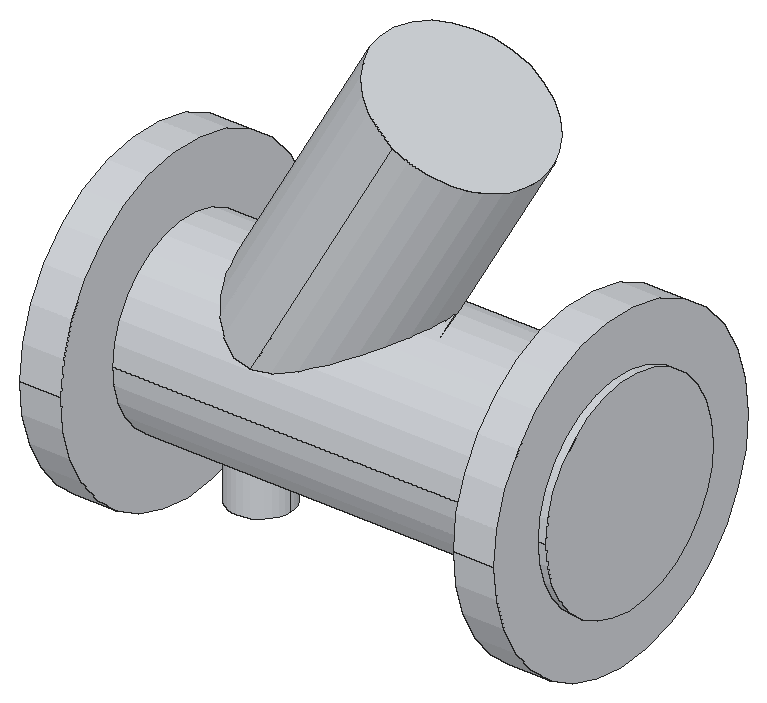
Revit family "HS 821-síto_jemné-PN16-DN080-RFA_2019", category Pipe Accessories, Revit 2019
Family settings
  Round Connector Dimension = Use Diameter
  Part Type = Breaks Into
  Work Plane-Based = No
  Always vertical = Yes
  Cut with Voids When Loaded = No
  Shared = No
Parameters (values of type "821A-DN080-PN16-síto_jemné")
  magiProductId = "a067f7c5236348ed8c820d16df7214"
  magiProductFamilyId = "79214ac3aaa945e397802f559f5c1e"
  magiPartTypeId = 307
  isMeasuringValve [instance] = no
  ang2D [instance] = 0.00°
  ZB__ve = -ZB  # -32 mm
  ZB1 = 53.46 mm
  ZB = 32 mm
  X2 = 104.753 mm
  X1 = 43.4 mm
  W2D = 15 mm
  VersionID = "2.0/2017.9.26.1/ZETKAMA_821_001"
  Use Minimum Symbol Size [instance] = yes
  URL = "www.hydronix.cz"
  Type Comments = "Filtr přírubový; síto jemné; A-PN16 (-10~300°C); D-PN25 (-10~350°C); F-PN40 (-10~400°C)"
  S = 132 mm
  QmdConnectorList = "301;D;302;D"
  Productdata [instance] = ""
  Manufacturer = "Hydronix"
  MC Product Code = "210 180 (821A; DN080; PN16; kvs137,1; oko síta 0,63mm)"
  LM1 = 24.8 mm
  LM = 248 mm
  L4 = 77.5 mm
  L2D_Min = 3048 mm
  L2D = 130 mm
  L2 = 155 mm
  HH2 = 181.438 mm
  FD = 200 mm
  Description = "Filtr přírubový; síto jemné; 821A-PN16; 821D-PN25; 821F-PN40"
  DM1 = 107.4 mm
  DM = 118.8 mm
  D = 80 mm
  CC = 5.27 mm
  CAT0 = yes
  C1 = 25.73 mm
  C = 31 mm
  BD = 37.422 mm
Types (40, lengths in mm): name | magiProductId | ZB__ve | ZB1 | ZB | X2 | X1 | S | MC Product Code | LM1 | LM | L4 | L2 | HH2 | FD | DM1 | DM | D | CC | C1 | C | BD
  821A-DN015-PN16-síto_jemné | "a71bcfe8b393460598b23e8ddf7dc5" | -16.25 | 18.63 | 16.25 | 46.982 | 18.2 | 46 | "210 115 (821A; DN015; PN16; kvs6,2; oko síta 0,63mm)" | 10.4 | 104 | 32.5 | 65 | 81.375 | 95 | 27.6 | 41.4 | 15 | 2.21 | 10.79 | 13 | 13.041
  821A-DN020-PN16-síto_jemné | "41cd6c7a12924f4991217528336076" | -17.75 | 22.68 | 17.75 | 51.673 | 21 | 56 | "210 120 (821A; DN020; PN16; kvs9,6; oko síta 0,63mm)" | 12 | 120 | 37.5 | 75 | 89.5 | 105 | 33.6 | 50.4 | 20 | 2.55 | 12.45 | 15 | 15.876
  821A-DN025-PN16-síto_jemné | "be378b463ed14c3abf4c9b3ae8cf3a" | -19.25 | 26.325 | 19.25 | 58.601 | 22.4 | 65 | "210 125 (821A; DN025; PN16; kvs14,2; oko síta 0,63mm)" | 12.8 | 128 | 40 | 80 | 101.5 | 115 | 43.2 | 58.5 | 25 | 2.72 | 13.28 | 16 | 18.427
  821A-DN032-PN16-síto_jemné | "227a0d18b21540afabe8b6067d35fa" | -23 | 30.78 | 23 | 68.849 | 25.2 | 76 | "210 132 (821A; DN032; PN16; kvs23,1; oko síta 0,63mm)" | 14.4 | 144 | 45 | 90 | 119.25 | 140 | 50.4 | 68.4 | 32 | 3.06 | 14.94 | 18 | 21.546
  821A-DN040-PN16-síto_jemné | "d106917c74724141a10440112d0102" | -24.5 | 34.02 | 24.5 | 75.777 | 28 | 84 | "210 140 (821A; DN040; PN16; kvs36,6; oko síta 0,63mm)" | 16 | 160 | 50 | 100 | 131.25 | 150 | 60 | 75.6 | 40 | 3.4 | 16.6 | 20 | 23.814
  821A-DN050-PN16-síto_jemné | "8255d456a09e4f6486734f5dd9171b" | -26.75 | 40.095 | 26.75 | 79.061 | 32.2 | 99 | "210 150 (821A; DN050 PN16; kvs53,7; oko síta 0,63mm)" | 18.4 | 184 | 57.5 | 115 | 136.938 | 165 | 73.8 | 89.1 | 50 | 3.91 | 19.09 | 23 | 28.066
  821A-DN065-PN16-síto_jemné | "235b1b3e4c0843779a4d5e3716d40a" | -29.75 | 47.79 | 29.75 | 86.927 | 40.6 | 118 | "210 165 (821A; DN065; PN16; kvs95,1; oko síta 0,63mm)" | 23.2 | 232 | 72.5 | 145 | 150.562 | 185 | 94.2 | 106.2 | 65 | 4.93 | 24.07 | 29 | 33.453
  821A-DN080-PN16-síto_jemné | "a067f7c5236348ed8c820d16df7214" | -32 | 53.46 | 32 | 104.753 | 43.4 | 132 | "210 180 (821A; DN080; PN16; kvs137,1; oko síta 0,63mm)" | 24.8 | 248 | 77.5 | 155 | 181.438 | 200 | 107.4 | 118.8 | 80 | 5.27 | 25.73 | 31 | 37.422
  821A-DN100-PN16-síto_jemné | "c49a648c2747461285837d643703cd" | -35 | 63.18 | 35 | 114.857 | 49 | 156 | "210 190 (821A; DN100; PN16; kvs206,4; oko síta 0,63mm)" | 28 | 280 | 87.5 | 175 | 198.937 | 220 | 131.4 | 140.4 | 100 | 5.95 | 29.05 | 35 | 44.226
  821A-DN125-PN16-síto_jemné | "bf68e728a163493cbd2a663b26ebdc" | -39.5 | 74.52 | 39.5 | 131.888 | 56 | 184 | "210 191 (821A; DN125; PN16; kvs268,8; oko síta 0,63mm)" | 32 | 320 | 100 | 200 | 228.438 | 250 | 165 | 165.6 | 125 | 6.8 | 33.2 | 40 | 52.164
  821A-DN150-PN16-síto_jemné | "2de770284b654863ae6bc865769dc5" | -44.75 | 85.455 | 44.75 | 155.885 | 67.2 | 211 | "210 192 (821A; DN150; PN16; kvs401,4; oko síta 0,63mm)" | 38.4 | 384 | 120 | 240 | 270 | 285 | 192 | 189.9 | 150 | 8.16 | 39.84 | 48 | 59.818
  821A-DN200-PN16-síto_jemné | "8e5693371ab64aabb29a7f08c76e15" | -53 | 107.73 | 53 | 188.361 | 84 | 266 | "210 193 (821A; DN200; PN16; kvs706,7; oko síta 0,63mm)" | 48 | 480 | 150 | 300 | 326.25 | 340 | 252 | 239.4 | 200 | 10.2 | 49.8 | 60 | 75.411
  821A-DN250-PN16-síto_jemné | "05e37ed948c34047acdd4c42556504" | -62.75 | 129.195 | 62.75 | 255.911 | 102.2 | 319 | "210 194 (821A; DN250; PN16; kvs1229,4; oko síta 0,63mm)" | 58.4 | 584 | 182.5 | 365 | 443.25 | 405 | 309.6 | 287.1 | 250 | 12.41 | 60.59 | 73 | 90.436
  821A-DN300-PN16-síto_jemné | "9ad0af747269428da925480d83ce80" | -71 | 149.85 | 71 | 325.914 | 119 | 370 | "210 195 (821A; DN300; PN16; kvs1902,4; oko síta 0,63mm)" | 68 | 680 | 212.5 | 425 | 564.5 | 460 | 369.6 | 333 | 300 | 14.45 | 70.55 | 85 | 104.895
  821A-DN350-PN16-síto_jemné | "eebc71459bb3451bb4355e7951370a" | -80 | 173.745 | 80 | 356.875 | 137.2 | 429 | "200 196 (821A; DN350; PN16; kvs2611,0; oko síta 0,63mm)" | 78.4 | 784 | 245 | 490 | 618.125 | 520 | 438 | 386.1 | 350 | 16.66 | 81.34 | 98 | 121.621
  821A-DN400-PN16-síto_jemné | "d2f677cb196647e385b2590e7d8abe" | -89 | 194.4 | 89 | 392.237 | 154 | 480 | "210 197 (821A; DN400; PN16; kvs3438,4; oko síta 0,63mm)" | 88 | 880 | 275 | 550 | 679.375 | 580 | 498 | 432 | 400 | 18.7 | 91.3 | 110 | 136.08
  821D-DN015-PN25-síto_jemné | "27ddcbf555414f8ca1fde329bf9087" | -16.25 | 18.63 | 16.25 | 46.982 | 18.2 | 46 | "210 215 (821D; DN015; PN25; kvs6,2; oko síta 0,63mm)" | 10.4 | 104 | 32.5 | 65 | 81.375 | 95 | 27.6 | 41.4 | 15 | 2.21 | 10.79 | 13 | 13.041
  821D-DN020-PN25-síto_jemné | "270e0f14012f47189cd0235c18faee" | -17.75 | 22.68 | 17.75 | 51.673 | 21 | 56 | "210 220 (821D; DN020; PN25; kvs9,6; oko síta 0,63mm)" | 12 | 120 | 37.5 | 75 | 89.5 | 105 | 33.6 | 50.4 | 20 | 2.55 | 12.45 | 15 | 15.876
  821D-DN025-PN25-síto_jemné | "b9a7fb4aa36643878c637d8e1ab992" | -19.25 | 26.325 | 19.25 | 58.601 | 22.4 | 65 | "210 225 (821D; DN025; PN25; kvs14,2; oko síta 0,63mm)" | 12.8 | 128 | 40 | 80 | 101.5 | 115 | 43.2 | 58.5 | 25 | 2.72 | 13.28 | 16 | 18.427
  821D-DN032-PN25-síto_jemné | "6be9a55c4e68400f94eec7e804204c" | -23 | 30.78 | 23 | 68.849 | 25.2 | 76 | "210 232 (821D; DN032; PN25; kvs23,1; oko síta 0,63mm)" | 14.4 | 144 | 45 | 90 | 119.25 | 140 | 50.4 | 68.4 | 32 | 3.06 | 14.94 | 18 | 21.546
  821D-DN040-PN25-síto_jemné | "c54511bd7f584ec2984291479612cb" | -24.5 | 34.02 | 24.5 | 75.777 | 28 | 84 | "210 240 (821D; DN040; PN25; kvs36,6; oko síta 0,63mm)" | 16 | 160 | 50 | 100 | 131.25 | 150 | 60 | 75.6 | 40 | 3.4 | 16.6 | 20 | 23.814
  821D-DN050-PN25-síto_jemné | "5483b1f596b04cd39b23a14a22c90e" | -26.75 | 40.095 | 26.75 | 79.061 | 32.2 | 99 | "210 250 (821D; DN050; PN25; kvs53,7; oko síta 0,63mm)" | 18.4 | 184 | 57.5 | 115 | 136.938 | 165 | 73.8 | 89.1 | 50 | 3.91 | 19.09 | 23 | 28.066
  821D-DN065-PN25-síto_jemné | "767b0f8318e94750bc7a9930ed5b30" | -29.75 | 47.79 | 29.75 | 86.927 | 40.6 | 118 | "210 265 (821D; DN065; PN25; kvs95,1; oko síta 0,63mm)" | 23.2 | 232 | 72.5 | 145 | 150.562 | 185 | 94.2 | 106.2 | 65 | 4.93 | 24.07 | 29 | 33.453
  821D-DN080-PN25-síto_jemné | "e21040fa3cc2404b858198f6b73709" | -32 | 53.46 | 32 | 104.753 | 43.4 | 132 | "210 280 (821D; DN080; PN25; kvs137,1; oko síta 0,63mm)" | 24.8 | 248 | 77.5 | 155 | 181.438 | 200 | 107.4 | 118.8 | 80 | 5.27 | 25.73 | 31 | 37.422
  821D-DN100-PN25-síto_jemné | "175ca87a506b40b3bc6b82f12f33cf" | -37.25 | 63.18 | 37.25 | 114.857 | 49 | 156 | "210 290 (821D; DN100; PN25; kvs206,4; oko síta 0,63mm)" | 28 | 280 | 87.5 | 175 | 198.937 | 235 | 131.4 | 140.4 | 100 | 5.95 | 29.05 | 35 | 44.226
  821D-DN125-PN25-síto_jemné | "77cc98d60da24855999a22dff726b2" | -42.5 | 74.52 | 42.5 | 131.888 | 56 | 184 | "210 291 (821D; DN125; PN25; kvs268,8; oko síta 0,63mm)" | 32 | 320 | 100 | 200 | 228.438 | 270 | 165 | 165.6 | 125 | 6.8 | 33.2 | 40 | 52.164
  821D-DN150-PN25-síto_jemné | "9cf8acfcd15547d68e83172d3abcbe" | -47 | 85.455 | 47 | 155.885 | 67.2 | 211 | "210 292 (821D; DN150; PN25; kvs401,4; oko síta 0,63mm)" | 38.4 | 384 | 120 | 240 | 270 | 300 | 192 | 189.9 | 150 | 8.16 | 39.84 | 48 | 59.818
  821D-DN200-PN25-síto_jemné | "16973f3c9ea14389ba8602495a6b64" | -56 | 110.97 | 56 | 188.361 | 84 | 274 | "210 293 (821D; DN200; PN25; kvs706,7; oko síta 0,63mm)" | 48 | 480 | 150 | 300 | 326.25 | 360 | 252 | 246.6 | 200 | 10.2 | 49.8 | 60 | 77.679
  821F-DN015-PN40-síto_jemné | "4c7eaf3c4c0340888b3e684d8a8616" | -16.25 | 18.225 | 16.25 | 46.982 | 18.2 | 45 | "250 615 (821F; DN015; PN40; kvs6,2; oko síta 0,63mm)" | 10.4 | 104 | 32.5 | 65 | 81.375 | 95 | 27.6 | 40.5 | 15 | 2.21 | 10.79 | 13 | 12.757
  821F-DN020-PN40-síto_jemné | "aaac5f1ec96b44d6ba96ac2293d66d" | -17.75 | 23.49 | 17.75 | 51.673 | 21 | 58 | "250 620 (821F; DN020; PN40; kvs9,6; oko síta 0,63mm)" | 12 | 120 | 37.5 | 75 | 89.5 | 105 | 33.6 | 52.2 | 20 | 2.55 | 12.45 | 15 | 16.443
  821F-DN025-PN40-síto_jemné | "504768023968471481789485b54c7e" | -19.25 | 27.54 | 19.25 | 58.601 | 22.4 | 68 | "250 625 (821F; DN025; PN40; kvs14,2; oko síta 0,63mm)" | 12.8 | 128 | 40 | 80 | 101.5 | 115 | 43.2 | 61.2 | 25 | 2.72 | 13.28 | 16 | 19.278
  821F-DN032-PN40-síto_jemné | "165e7f39cf744f329bdf1c400dad12" | -23 | 31.59 | 23 | 68.849 | 25.2 | 78 | "250 632 (821F; DN032; PN40; kvs23,1; oko síta 0,63mm)" | 14.4 | 144 | 45 | 90 | 119.25 | 140 | 50.4 | 70.2 | 32 | 3.06 | 14.94 | 18 | 22.113
  821F-DN040-PN40-síto_jemné | "b8903f952089408fbf3a5a632bab1f" | -24.5 | 35.64 | 24.5 | 75.777 | 28 | 88 | "250 640 (821F; DN040; PN40; kvs36,6; oko síta 0,63mm)" | 16 | 160 | 50 | 100 | 131.25 | 150 | 60 | 79.2 | 40 | 3.4 | 16.6 | 20 | 24.948
  821F-DN050-PN40-síto_jemné | "c451f97266fe48da8f879cb6a2bd44" | -26.75 | 41.31 | 26.75 | 79.061 | 32.2 | 102 | "250 650 (821F; DN050; PN40; kvs53,7; oko síta 0,63mm)" | 18.4 | 184 | 57.5 | 115 | 136.938 | 165 | 73.8 | 91.8 | 50 | 3.91 | 19.09 | 23 | 28.917
  821F-DN065-PN40-síto_jemné | "dc9821e3f9b34e128f6a8c6b34c198" | -29.75 | 49.41 | 29.75 | 86.927 | 40.6 | 122 | "250 665 (821F; DN065; PN40; kvs95,1; oko síta 0,63mm)" | 23.2 | 232 | 72.5 | 145 | 150.562 | 185 | 94.2 | 109.8 | 65 | 4.93 | 24.07 | 29 | 34.587
  821F-DN080-PN40-síto_jemné | "689aa1e260f84cf4994f027a1d86b5" | -32 | 55.89 | 32 | 104.753 | 43.4 | 138 | "250 680 (821F; DN080; PN40; kvs137,1; oko síta 0,63mm)" | 24.8 | 248 | 77.5 | 155 | 181.438 | 200 | 107.4 | 124.2 | 80 | 5.27 | 25.73 | 31 | 39.123
  821F-DN100-PN40-síto_jemné | "8a45d4e8e2ab425f8c432f21d684f3" | -37.25 | 65.61 | 37.25 | 114.857 | 49 | 162 | "250 690 (821F; DN100; PN40; kvs206,4; oko síta 0,63mm)" | 28 | 280 | 87.5 | 175 | 198.937 | 235 | 131.4 | 145.8 | 100 | 5.95 | 29.05 | 35 | 45.927
  821F-DN125-PN40-síto_jemné | "cf073904c006406b8645afa67ea2fc" | -42.5 | 76.14 | 42.5 | 131.888 | 56 | 188 | "250 691 (821F; DN125; PN40; kvs268,8; oko síta 0,63mm)" | 32 | 320 | 100 | 200 | 228.438 | 270 | 165 | 169.2 | 125 | 6.8 | 33.2 | 40 | 53.298
  821F-DN150-PN40-síto_jemné | "0153b9ddabe14992a630484929fdbc" | -47 | 88.29 | 47 | 155.885 | 67.2 | 218 | "250 692 (821F; DN150; PN40; kvs401,4; oko síta 0,63mm)" | 38.4 | 384 | 120 | 240 | 270 | 300 | 192 | 196.2 | 150 | 8.16 | 39.84 | 48 | 61.803
  821F-DN200-PN40-síto_jemné | "7fb3fc01dd8d42428c203e3f8dd4d5" | -56 | 115.425 | 56 | 188.361 | 84 | 285 | "250 693 (821F; DN200; PN40; kvs706,7; oko síta 0,63mm)" | 48 | 480 | 150 | 300 | 326.25 | 360 | 252 | 256.5 | 200 | 10.2 | 49.8 | 60 | 80.797
Reference planes
  plane 1 "Center (Front/Back)": y = 0
  plane 2 "XYPLANE": z = 0
  plane 3 "Center (Left/Right)": x = 0
  plane 4 "109": x = -99.2
  plane 5 "108": x = 124
  plane 6 "107": x = -124
  plane 7 "105": x = 155
  plane 8 "104": x = -155
  plane 9 "103": y = 0
  plane 10 "102": z = 0
  plane 11 "101": x = -149.73
  plane 12 "100": x = 149.73
  plane 13 "11": x = -55.8
  plane 14 "10": z = 181.438
  plane 15 "9": x = 48.953
  plane 16 "5": z = -53.46
  plane 17 "4": x = -77.5
  plane 18 "1": x = 77.5
Forms (mm)
  Extrusion 1, solid, visible <- "CAT0"
    sketch origin (-124, -750, 0) x (0, 1, 0) y (0, 0, 1)
      loop
        circle (750, 0) r 59.4
    from 0 to 248 <- "LM"
  Extrusion 2, solid
    sketch origin (-155, -750, 0) x (0, 1, 0) y (0, 0, 1)
      loop
        circle (750, 0) r 66
    from 0 to 5.27 <- "CC"
  Extrusion 3, solid
    sketch origin (-149.73, -750, 0) x (0, 1, 0) y (0, 0, 1)
      loop
        circle (750, 0) r 100
    from 0 to 25.73 <- "C1"
  Extrusion 4, solid
    sketch origin (124, -750, 0) x (0, 1, 0) y (0, 0, 1)
      loop
        circle (750, 0) r 100
    from 0 to 25.73 <- "C1"
  Extrusion 5, solid
    sketch origin (149.73, -750, 0) x (0, 1, 0) y (0, 0, 1)
      loop
        circle (750, 0) r 66
    from 0 to 5.27 <- "CC"
  Sweep 6, solid, visible <- "CAT0"
    path origin (750, 0, 0) x (-1, 0, 0) y (0, 0, 1)
      loop
        line (874, 0) -> (805.8, 0) -> (701.047, 181.438)
    profile origin (-124, 0, 0) x (0, 0, -1) y (0, 1, 0)
      loop
        circle (0, 0) r 53.7
  Extrusion 7, solid, visible <- "CAT0"
    sketch origin (-750, 0, -53.46) x (1, 0, 0) y (0, 1, 0)
      loop
        circle (672.5, 0) r 18.711
    from 0 to -32 <- "ZB__ve"
  Extrusion 8, solid, visible <- "CAT0"
    sketch origin (-750, 0, -53.46) x (1, 0, 0) y (0, 1, 0)
      loop
        circle (827.5, 0) r 18.711
    from 0 to -32 <- "ZB__ve"
  Extrusion 9, solid, not visible
    sketch origin (155, -750, 0) x (0, 1, 0) y (0, 0, 1)
      loop
        circle (750, 0) r 10
    from 0 to -10
  Extrusion 10, solid, not visible
    sketch origin (-155, -750, 0) x (0, 1, 0) y (0, 0, 1)
      loop
        circle (750, 0) r 10
    from 0 to 10
Lines and regions (mm)
  reference lines, not visible
    curve 1: circle (2, 2, 0) r 1 normal (0, 0, 1)
Dimensions and locks
  plane 1 "Center (Front/Back)" to curve 1 = 2 mm
  "LM1": plane 6 "107" to plane 4 "109"
  "LM": plane 6 "107" to plane 5 "108"
  "C": plane 8 "104" to plane 6 "107"
  "L2": plane 3 "Center (Left/Right)" to plane 7 "105"
  "L2": plane 3 "Center (Left/Right)" to plane 8 "104"
  locked: plane 1 "Center (Front/Back)" to plane 9 "103"
  locked: plane 2 "XYPLANE" to plane 10 "102"
  "CC": plane 8 "104" to plane 11 "101"
  "C1": plane 5 "108" to plane 12 "100"
  "X1": plane 4 "109" to plane 13 "11"
  "HH2": plane 2 "XYPLANE" to plane 14 "10"
  "X2": plane 13 "11" to plane 15 "9"
  "ZB1": plane 2 "XYPLANE" to plane 16 "5"
  "L4": plane 8 "104" to plane 17 "4"
  "L2": plane 17 "4" to plane 18 "1"
  Sweep 6 sketch curve to Sweep 6 sketch curve = 0 mm  (x2)
  "DM": diameter of Extrusion 1 sketch curve
  "S": diameter of Extrusion 2 sketch curve
  "FD": diameter of Extrusion 3 sketch curve
  "FD": diameter of Extrusion 4 sketch curve
  "S": diameter of Extrusion 5 sketch curve
  "DM1": diameter of Sweep 6 sketch curve
  "BD": diameter of Extrusion 7 sketch curve
  "BD": diameter of Extrusion 8 sketch curve
  aligned and locked: level to plane 2 "XYPLANE"
  aligned and locked: Extrusion 1 sketch curve to plane 9 "103"
  aligned and locked: plane 10 "102" to Extrusion 1 sketch curve
  aligned and locked: Extrusion 2 sketch curve to plane 9 "103"
  aligned and locked: plane 10 "102" to Extrusion 2 sketch curve
  aligned and locked: Extrusion 3 sketch curve to plane 9 "103"
  aligned and locked: plane 10 "102" to Extrusion 3 sketch curve
  aligned and locked: Extrusion 4 sketch curve to plane 9 "103"
  aligned and locked: plane 10 "102" to Extrusion 4 sketch curve
  aligned and locked: Extrusion 5 sketch curve to plane 9 "103"
  aligned and locked: plane 10 "102" to Extrusion 5 sketch curve
  aligned and locked: Sweep 6 sketch curve to plane 9 "103"
  aligned and locked: plane 10 "102" to Sweep 6 sketch curve  (x3)
  aligned and locked: plane 6 "107" to Sweep 6 sketch curve
  aligned and locked: plane 13 "11" to Sweep 6 sketch curve
  aligned and locked: plane 14 "10" to Sweep 6 sketch curve
  aligned and locked: plane 15 "9" to Sweep 6 sketch curve
  aligned and locked: plane 9 "103" to Extrusion 7 sketch curve
  aligned and locked: plane 17 "4" to Extrusion 7 sketch curve
  aligned and locked: plane 9 "103" to Extrusion 8 sketch curve
  aligned and locked: plane 18 "1" to Extrusion 8 sketch curve
  aligned and locked: Extrusion 9 sketch curve to plane 9 "103"
  aligned and locked: plane 10 "102" to Extrusion 9 sketch curve
  aligned and locked: Extrusion 10 sketch curve to plane 9 "103"
  aligned and locked: plane 10 "102" to Extrusion 10 sketch curve
Automatic sketch dimensions
  plane 1 "Center (Front/Back)" to Extrusion 9 sketch curve = 10 mm
  plane 1 "Center (Front/Back)" to Extrusion 10 sketch curve = 10 mm
  plane 3 "Center (Left/Right)" to curve 1 = 2 mm
  radius of curve 1 = 1 mm
Connectors
  piping at (-155, 0, 0), diameter 80, driven by "D"
    settings: on Extrusion 10, index 1, connector inside diameter 609.6 mm, connector length 0 mm, flow factor 0, pipe flow 0.0 L/s, pressure drop 0.0 Pa, fitting loss kfactor 0, connector angle 0.00°, fixture units 0, engagement length 0 mm, angle of deflection 0.00°, flow configuration 0, flow direction 0, fitting loss method 0, system type 29, joint type 0, gender type 0, connector reference index 2, connector utility 0, adjustable connector no, is connector primary yes, connector description ""
  piping at (155, 0, 0), diameter 80, driven by "D"
    settings: on Extrusion 9, index 2, connector inside diameter 609.6 mm, connector length 0 mm, flow factor 0, pipe flow 0.0 L/s, pressure drop 0.0 Pa, fitting loss kfactor 0, connector angle 0.00°, fixture units 0, engagement length 0 mm, angle of deflection 0.00°, flow configuration 0, flow direction 0, fitting loss method 0, system type 29, joint type 0, gender type 0, connector reference index 1, connector utility 0, adjustable connector no, is connector primary no, connector description ""
